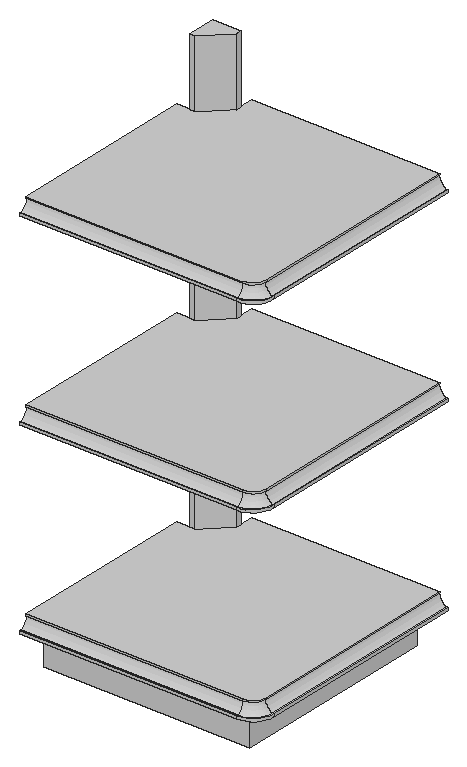
Revit family "QF41", category Specialty Equipment, Revit 2012
Parameters (values of type "Queuing Fixture Corner Shelf (Default)")
  Width = 1' - 6"
  URL = "http://www.madixinc.com/display/queuing/"
  Model = "Queuing Fixture"
  Manufacturer = "© 2012 Madix, Inc. All rights reserved."
  Height = 4' - 0"
Reference planes (in)
  plane 1 "Center (Front/Back)": y = 0
  plane 2: z = 0
  plane 3 "Center (Left/Right)": x = 0
  plane 4: x = -10.375
  plane 5: x = 10.375
  plane 6: y = 10.375
  plane 7: y = -10.375
  plane 8: x = -7.625
  plane 9: y = 7.625
  plane 10: z = 48
  plane 11: z = 5.5
  plane 12: z = 4.125
  plane 13: z = 23.5
  plane 14: z = 41.5
  plane 15: z = 22.125
  plane 16: z = 40.125
  plane 17: y = 11.625
  plane 18: x = -11.625
Forms (in)
  Extrusion 1, solid, material "Metal - Steel"
    sketch origin (0, 0, 0) x (1, 0, 0) y (0, 1, 0)
      loop
        line (-10.375, 10.375) -> (-10.375, 7.625) -> (-9.875, 7.625) -> (-7.625, 9.875) -> (-7.625, 10.375) -> (-10.375, 10.375)
    from 0 to 48
  Extrusion 2, solid, material "Metal - Steel"
    sketch origin (0, 0, 0) x (1, 0, 0) y (0, 1, 0)
      loop
        line (-7.625, 11.625) -> (-7.625, 9.875) -> (-9.875, 7.625) -> (-11.625, 7.625) -> (-11.625, -10.25) -> (9.25, -10.25)
        arc (9.25, -10.25) -> (9.95711, -9.95711) -> (10.25, -9.25) r 1
        line (10.25, -9.25) -> (10.25, 11.625) -> (-7.625, 11.625)
    from 4.125 to 5.5
  Extrusion 3, solid, material "Metal - Steel"
    sketch origin (0, 0, 0) x (1, 0, 0) y (0, 1, 0)
      loop
        line (8.25, 11.625) -> (-7.625, 11.625) -> (-7.625, 9.875) -> (-9.875, 7.625) -> (-11.625, 7.625) -> (-11.625, -8.375) -> (8.25, -8.375) -> (8.25, 11.625)
    from 0 to 4.125
  Sweep 4, solid, material "Metal - Steel"
    path in 3D
      loop
        line (-11.625, -10.25, 5.5) -> (9.25, -10.25, 5.5)
        arc (9.25, -10.25, 5.5) -> (9.95711, -9.95711, 5.5) -> (10.25, -9.25, 5.5) r 1
        line (10.25, -9.25, 5.5) -> (10.25, 11.625, 5.5)
    profile origin (10.25, 1.1875, 5.5) x (-1, 0, 0) y (0, 0, 1)
      loop
        line (0, 0) -> (-0.25, 0) -> (-0.25, -0.125) -> (-0.125, -0.125)
        arc (-0.125, -0.125) -> (-0.38696, -0.76286) -> (-0.875, -1.25) r 1.75
        line (-0.875, -1.25) -> (-0.875, -1.125) -> (-1, -1.125) -> (-1, -1.375) -> (0, -1.375) -> (0, 0)
  Extrusion 5, solid, material "Metal - Steel"
    sketch origin (0, 0, 0) x (1, 0, 0) y (0, 1, 0)
      loop
        line (-11.625, 7.625) -> (-11.625, -10.25) -> (9.25, -10.25)
        arc (9.25, -10.25) -> (9.95711, -9.95711) -> (10.25, -9.25) r 1
        line (10.25, -9.25) -> (10.25, 11.625) -> (-7.625, 11.625) -> (-7.625, 9.875) -> (-9.875, 7.625) -> (-11.625, 7.625)
    from 22.125 to 23.5
  Extrusion 6, solid, material "Metal - Steel"
    sketch origin (0, 0, 0) x (1, 0, 0) y (0, 1, 0)
      loop
        line (-11.625, 7.625) -> (-11.625, -10.25) -> (9.25, -10.25)
        arc (9.25, -10.25) -> (9.95711, -9.95711) -> (10.25, -9.25) r 1
        line (10.25, -9.25) -> (10.25, 11.625) -> (-7.625, 11.625) -> (-7.625, 9.875) -> (-9.875, 7.625) -> (-11.625, 7.625)
    from 40.125 to 41.5
  Sweep 7, solid, material "Metal - Steel"
    path in 3D
      loop
        line (-11.625, -10.25, 23.5) -> (9.25, -10.25, 23.5)
        arc (9.25, -10.25, 23.5) -> (9.95711, -9.95711, 23.5) -> (10.25, -9.25, 23.5) r 1
        line (10.25, -9.25, 23.5) -> (10.25, 11.625, 23.5)
    profile origin (-1.1875, -10.25, 23.5) x (0, 1, 0) y (0, 0, 1)
      loop
        line (0, 0) -> (-0.25, 0) -> (-0.25, -0.125) -> (-0.125, -0.125)
        arc (-0.125, -0.125) -> (-0.38696, -0.76286) -> (-0.875, -1.25) r 1.75
        line (-0.875, -1.25) -> (-0.875, -1.125) -> (-1, -1.125) -> (-1, -1.375) -> (0, -1.375) -> (0, 0)
  Sweep 8, solid, material "Metal - Steel"
    path in 3D
      loop
        line (-11.625, -10.25, 41.5) -> (9.25, -10.25, 41.5)
        arc (9.25, -10.25, 41.5) -> (9.95711, -9.95711, 41.5) -> (10.25, -9.25, 41.5) r 1
        line (10.25, -9.25, 41.5) -> (10.25, 11.625, 41.5)
    profile origin (10.25, 1.1875, 41.5) x (-1, 0, 0) y (0, 0, 1)
      loop
        line (0, 0) -> (-0.25, 0) -> (-0.25, -0.125) -> (-0.125, -0.125)
        arc (-0.125, -0.125) -> (-0.38696, -0.76286) -> (-0.875, -1.25) r 1.75
        line (-0.875, -1.25) -> (-0.875, -1.125) -> (-1, -1.125) -> (-1, -1.375) -> (0, -1.375) -> (0, 0)
Cuts and joins
  joined: Extrusion 2, Extrusion 3, Sweep 4
  joined: Extrusion 5, Sweep 7
  joined: Extrusion 6, Sweep 8
Lines and regions (in)
  sketch lines
    curve 1: line (10.25, -9.25, 5.5) -> (10.25, 11.625, 5.5)
    curve 2: arc (10.25, -9.25, 5.5) -> (9.95711, -9.95711, 5.5) -> (9.25, -10.25, 5.5) r 1
    curve 3: line (-11.625, -10.25, 5.5) -> (9.25, -10.25, 5.5)
    curve 4: line (-11.625, -10.25, 23.5) -> (9.25, -10.25, 23.5)
    curve 5: arc (10.25, -9.25, 23.5) -> (9.95711, -9.95711, 23.5) -> (9.25, -10.25, 23.5) r 1
    curve 6: line (10.25, -9.25, 23.5) -> (10.25, 11.625, 23.5)
    curve 7: line (10.25, -9.25, 41.5) -> (10.25, 11.625, 41.5)
    curve 8: arc (10.25, -9.25, 41.5) -> (9.95711, -9.95711, 41.5) -> (9.25, -10.25, 41.5) r 1
    curve 9: line (-11.625, -10.25, 41.5) -> (9.25, -10.25, 41.5)
Dimensions and locks (in)
  equal spacing: plane 7, plane 1 "Center (Front/Back)", plane 6
  "Width": plane 9 to plane 7
  equal spacing: plane 4, plane 3 "Center (Left/Right)", plane 5
  "Width": plane 8 to plane 5
  locked: plane 6 to plane 9 at 2.75
  locked: plane 4 to plane 8 at 2.75
  "Height": plane 10 to level
  locked: plane 17 to plane 6 at 1.25
  locked: plane 18 to plane 4 at 1.25
  aligned and locked: level to plane 2
  aligned and locked: plane 6 to Extrusion 1
  aligned and locked: Extrusion 1 to plane 4
  aligned and locked: plane 8 to Extrusion 1
  aligned and locked: Extrusion 1 to plane 9
  aligned and locked: plane 10 to Extrusion 1
Automatic sketch dimensions
  Extrusion 1 sketch curve to plane 4 = 0' - 0"
  Extrusion 1 sketch curve to plane 6 = 0' - 0"
  plane 4 to Extrusion 1 sketch curve = 0' - 0 1/2"
  Extrusion 1 sketch curve to plane 6 = 0' - 0 1/2"
  plane 4 to Extrusion 1 sketch curve = 0' - 2 3/4"
  Extrusion 1 sketch curve to Extrusion 1 sketch curve = 0' - 2 3/4"
  Extrusion 2 sketch curve to plane 4 = 0' - 1 1/4"
  plane 9 to Extrusion 2 sketch curve = 0' - 0"
  plane 6 to Extrusion 2 sketch curve = 0' - 1 1/4"
  Extrusion 2 sketch curve to plane 8 = 0' - 0"
  plane 4 to Extrusion 2 sketch curve = 0' - 0 1/2"
  plane 5 to Extrusion 2 sketch curve = 0' - 0 1/8"
  Extrusion 2 sketch curve to plane 7 = 0' - 1 1/8"
  Extrusion 2 sketch curve to Extrusion 2 sketch curve = 0' - 1 3/4"
  Extrusion 2 sketch curve to plane 7 = 0' - 0 1/8"
  Extrusion 3 sketch curve to plane 4 = 0' - 1 1/4"
  Extrusion 3 sketch curve to plane 8 = 0' - 0"
  plane 6 to Extrusion 3 sketch curve = 0' - 1 1/4"
  plane 9 to Extrusion 3 sketch curve = 0' - 0"
  Extrusion 3 sketch curve to Extrusion 3 sketch curve = 0' - 1 3/4"  (x2)
  plane 5 to Extrusion 3 sketch curve = 0' - 2 1/8"
  Extrusion 3 sketch curve to plane 7 = 0' - 2"
  Sweep 4 sketch curve to profile plane = 0' - 0"  (x2)
  profile plane to Sweep 4 sketch curve = 0' - 0 1/8"
  Sweep 4 sketch curve to Sweep 4 sketch curve = 0' - 0 1/8"  (x4)
  profile plane to Sweep 4 sketch curve = 0' - 0 7/8"
  profile plane to Sweep 4 sketch curve = 0' - 0.20787"
  Sweep 4 sketch curve to Sweep 4 sketch curve = 0' - 0.84305"
  Sweep 4 sketch curve to profile plane = 0' - 0 1/8"
  Extrusion 5 sketch curve to plane 4 = 0' - 1 1/4"
  Extrusion 5 sketch curve to plane 9 = 0' - 0"
  Extrusion 5 sketch curve to plane 8 = 0' - 0"
  plane 6 to Extrusion 5 sketch curve = 0' - 1 1/4"
  plane 4 to Extrusion 5 sketch curve = 0' - 0 1/2"
  plane 5 to Extrusion 5 sketch curve = 0' - 1 1/8"
  plane 5 to Extrusion 5 sketch curve = 0' - 0 1/8"
  Extrusion 5 sketch curve to plane 7 = 0' - 1 1/8"
  Extrusion 5 sketch curve to plane 6 = 0' - 0 1/2"
  Extrusion 6 sketch curve to plane 4 = 0' - 1 1/4"
  plane 6 to Extrusion 6 sketch curve = 0' - 1 1/4"
  Extrusion 6 sketch curve to plane 8 = 0' - 0"
  plane 9 to Extrusion 6 sketch curve = 0' - 0"
  plane 4 to Extrusion 6 sketch curve = 0' - 0 1/2"
  Extrusion 6 sketch curve to plane 7 = 0' - 0 1/8"
  plane 5 to Extrusion 6 sketch curve = 0' - 1 1/8"
  plane 5 to Extrusion 6 sketch curve = 0' - 0 1/8"
  Extrusion 6 sketch curve to plane 6 = 0' - 0 1/2"
  Sweep 7 sketch curve to profile plane = 0' - 0"  (x2)
  profile plane to Sweep 7 sketch curve = 0' - 0 1/8"
  Sweep 7 sketch curve to Sweep 7 sketch curve = 0' - 0 1/8"  (x4)
  profile plane to Sweep 7 sketch curve = 0' - 0 7/8"
  profile plane to Sweep 7 sketch curve = 0' - 0.20787"
  Sweep 7 sketch curve to Sweep 7 sketch curve = 0' - 0.84305"
  Sweep 7 sketch curve to profile plane = 0' - 0 1/8"
  Sweep 8 sketch curve to profile plane = 0' - 0"  (x2)
  profile plane to Sweep 8 sketch curve = 0' - 0 1/8"
  Sweep 8 sketch curve to Sweep 8 sketch curve = 0' - 0 1/8"  (x4)
  profile plane to Sweep 8 sketch curve = 0' - 0 7/8"
  profile plane to Sweep 8 sketch curve = 0' - 0.20787"
  Sweep 8 sketch curve to Sweep 8 sketch curve = 0' - 0.84305"
  Sweep 8 sketch curve to profile plane = 0' - 0 1/8"
